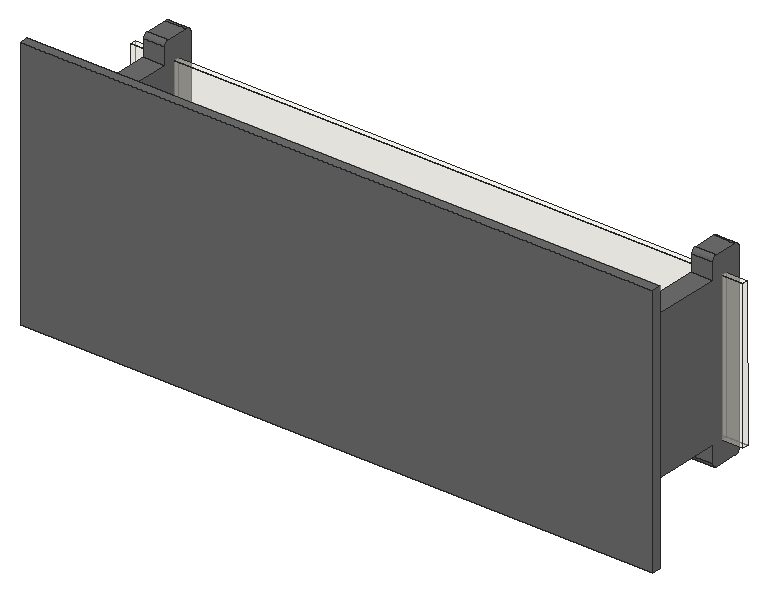
Revit family
Parameters (values of type "40 Watts")
  Wattage Comments = "40"
  Wattage = 40 W
  built-in parameter 1150110 = 1 (stored number, unit not read)
  built-in parameter 1114217 = 1 (stored number, unit not read)
  built-in parameter 1150109 = 1 (stored number, unit not read)
  built-in parameter 1150134 = 4
  built-in parameter 1150113 = 1 (stored number, unit not read)
  built-in parameter 1150105 = 152.79 (stored number, unit not read)
  Lumens = 480 lm
  Material of Lamp = Lamp Material
  Material of Lamp Cover = Lamp Cover
  built-in parameter 1150115 = 1 (stored number, unit not read)
  Light Source Symbol Size = 609.6 mm
  built-in parameter 1150137 = (empty or 0)
  built-in parameter 1150139 = (empty or 0)
  built-in parameter 1150112 = 1 (stored number, unit not read)
  built-in parameter 1150114 = 1 (stored number, unit not read)
  Lamp = "wl-1"
  built-in parameter 1150132 = (empty or 0)
  built-in parameter 1150102 = (empty or 0)
  built-in parameter 1150107 = 2800 (stored number, unit not read)
  built-in parameter 1150138 = (empty or 0)
  built-in parameter 1150106 = 1.5279 (stored number, unit not read)
  Height = 1800 mm
  built-in parameter 1150104 = 1.1148 (stored number, unit not read)
  Dimming Lamp Color Temperature Shift = (empty or 0)
  Color Filter = 16777215
  built-in parameter 1114218 = 1 (stored number, unit not read)
  built-in parameter 1150133 = 10 (stored number, unit not read)
Types (2, lengths in mm): name | Wattage Comments | Wattage | built-in parameter 1150105 | Lumens | built-in parameter 1150106
  40 Watts | "40" | 40 W | 152.79 (stored number, unit not read) | 480 lm | 1.5279 (stored number, unit not read)
  60 Watts | "60" | 60 W | 229.18 (stored number, unit not read) | 720 lm | 2.2918 (stored number, unit not read)
Reference planes
  plane 1: y = 0
  plane 2 "Light Source Axis (L/R)": x = 125
  plane 3 "Light Source Axis (F/R)": y = 150
  plane 4 "Light Source Elevation": z = 1860
  plane 5: z = 1800
  plane 6: x = -10
  plane 7: x = 260
  plane 8: y = 75
Forms (mm)
  Extrusion 1, solid, material "Lamp Material" <- "Material of Lamp"
    sketch origin (0, 0, 1800) x (1, 0, 0) y (0, 1, 0)
      loop
        line (-25, 75) -> (275, 75) -> (275, 79) -> (-25, 79) -> (-25, 75)
    from 0 to 120
  Extrusion 2, solid, material "Lamp Material" <- "Material of Lamp"
    sketch origin (0, 0, 0) x (1, 0, 0) y (0, 0, 1)
      loop
        circle (219.708, 1860) r 15
      loop
        circle (30.292, 1860) r 15
    from -79 to -95
  Extrusion 3, solid, material "Lamp Cover" <- "Material of Lamp Cover"
    sketch origin (125, 0, 0) x (0, 1, 0) y (0, 0, 1)
      loop
        line (95, 1840) -> (104.576, 1840)
        arc (104.576, 1840) -> (124.576, 1860) -> (104.576, 1880) r 20
        line (104.576, 1880) -> (95, 1880) -> (95, 1840)
    from -120 to 120
  Extrusion 4, solid, material "Lamp Cover" <- "Material of Lamp Cover"
    sketch origin (0, 0, 1800) x (1, 0, 0) y (0, 1, 0)
      loop
        line (-20.423, 134.576) -> (270.279, 134.576) -> (270.279, 137.576) -> (-20.423, 137.576) -> (-20.423, 134.576)
    from 25 to 94.978
  Extrusion 5, solid, material "Lamp Material" <- "Material of Lamp"
    sketch origin (125, 0, 0) x (0, 1, 0) y (0, 0, 1)
      loop
        line (129.576, 1894.978) -> (79, 1894.978) -> (79, 1825.022) -> (129.576, 1825.022) -> (129.576, 1817.022)
        arc (129.576, 1817.022) -> (130.162, 1815.608) -> (131.576, 1815.022) r 2
        line (131.576, 1815.022) -> (142.576, 1815.022)
        arc (142.576, 1815.022) -> (143.99, 1815.608) -> (144.576, 1817.022) r 2
        line (144.576, 1817.022) -> (144.576, 1902.978)
        arc (144.576, 1902.978) -> (143.99, 1904.392) -> (142.576, 1904.978) r 2
        line (142.576, 1904.978) -> (131.576, 1904.978)
        arc (131.576, 1904.978) -> (130.162, 1904.392) -> (129.576, 1902.978) r 2
        line (129.576, 1902.978) -> (129.576, 1894.978)
      loop
        line (137.576, 1894.978) -> (134.576, 1894.978) -> (134.576, 1825) -> (137.576, 1825) -> (137.576, 1894.978)
    from 125 to 135
  Extrusion 6, solid, material "Lamp Material" <- "Material of Lamp"
    sketch origin (125, 0, 0) x (0, 1, 0) y (0, 0, 1)
      loop
        line (144.576, 1817.022) -> (144.576, 1902.978)
        arc (144.576, 1902.978) -> (143.99, 1904.392) -> (142.576, 1904.978) r 2
        line (142.576, 1904.978) -> (131.576, 1904.978)
        arc (131.576, 1904.978) -> (130.162, 1904.392) -> (129.576, 1902.978) r 2
        line (129.576, 1902.978) -> (129.576, 1894.978) -> (79, 1894.978) -> (79, 1825.022) -> (129.576, 1825.022) -> (129.576, 1817.022)
        arc (129.576, 1817.022) -> (130.162, 1815.608) -> (131.576, 1815.022) r 2
        line (131.576, 1815.022) -> (142.576, 1815.022)
        arc (142.576, 1815.022) -> (143.99, 1815.608) -> (144.576, 1817.022) r 2
      loop
        line (137.576, 1825) -> (137.576, 1894.978) -> (134.576, 1894.978) -> (134.576, 1825) -> (137.576, 1825)
    from -125 to -135
Lines and regions (mm)
  symbolic lines
    curve 1: line (-10, 144.576, 0) -> (-10, 79, 0)
    curve 2: line (0, 79, 0) -> (0, 144.576, 0)
    curve 3: line (0, 144.576, 0) -> (-10, 144.576, 0)
    curve 4: line (275, 79, 0) -> (-25, 79, 0)
    curve 5: line (-25, 79, 0) -> (-25, 75, 0)
    curve 6: line (-25, 75, 0) -> (275, 75, 0)
    curve 7: line (15.292, 79, 0) -> (15.292, 95, 0)
    curve 8: line (45.292, 95, 0) -> (45.292, 79, 0)
    curve 9: line (5, 95, 0) -> (245, 95, 0)
    curve 10: line (5, 124.43, 0) -> (5, 95, 0)
    curve 11: line (270.423, 137.576, 0) -> (-20.423, 137.576, 0)
    curve 12: line (-20.423, 134.576, 0) -> (270.423, 134.576, 0)
    curve 13: line (-20.423, 137.576, 0) -> (-20.423, 134.576, 0)
    curve 14: line (245, 124.43, 0) -> (245, 95, 0)
    curve 15: line (260, 144.576, 0) -> (260, 79, 0)
    curve 16: line (250, 79, 0) -> (250, 144.576, 0)
    curve 17: line (250, 144.576, 0) -> (260, 144.576, 0)
    curve 18: line (5, 124.43, 0) -> (245, 124.43, 0)
    curve 19: line (270.423, 137.576, 0) -> (270.423, 134.576, 0)
    curve 20: line (275, 79, 0) -> (275, 75, 0)
Text (mm)
  text "Placement side" at (-1787.139, 1116.779, 0), in view "Ref. Level"
  text "Placement side" at (0, 2110.396, 2986.058), in view "Left"
  text "Placement side" at (0, 628.478, 3011.967), in view "Right"
Dimensions and locks
  "Height": host wall to plane 5
  locked: plane 5 to plane 4 "Light Source Elevation" at 60
  plane 6 to plane 7 = 270 mm
  plane 8 to plane 3 "Light Source Axis (F/R)" = 75 mm
  locked: Extrusion 1 sketch curve to Extrusion 1 sketch curve at 4
  locked: Extrusion 3 sketch curve to plane 8 at 20
  aligned and locked: plane 1 to host wall
  aligned and locked: Extrusion 1 sketch curve to host wall
  aligned and locked: Extrusion 1 to plane 5
  aligned and locked: Extrusion 2 to Extrusion 1
  aligned and locked: Extrusion 5 sketch curve to Extrusion 1
  aligned and locked: Extrusion 4 to Extrusion 5 sketch curve  (x2)
  aligned and locked: Extrusion 5 sketch curve to Extrusion 4  (x3)
  aligned and locked: Extrusion 6 sketch curve to Extrusion 5  (x8)
  aligned and locked: Extrusion 6 sketch curve to Extrusion 4  (x4)
  aligned and locked: curve 1 to Extrusion 6
  aligned and locked: curve 2 to Extrusion 6
  aligned and locked: curve 3 to Extrusion 6
  aligned and locked: curve 4 to Extrusion 1
  aligned and locked: curve 5 to Extrusion 1
  aligned and locked: curve 6 to Extrusion 1
  aligned and locked: curve 7 to Extrusion 2
  aligned and locked: curve 8 to Extrusion 2
  aligned and locked: curve 9 to Extrusion 3
  aligned and locked: Extrusion 3 to curve 10
  aligned and locked: curve 11 to Extrusion 4
  aligned and locked: curve 12 to Extrusion 4
  aligned and locked: curve 13 to Extrusion 4
  aligned and locked: plane 6 to Extrusion 6
  aligned and locked: plane 7 to Extrusion 5
  aligned and locked: plane 8 to host wall
  aligned and locked: plane 2 "Light Source Axis (L/R)" to imposter light
  aligned and locked: plane 3 "Light Source Axis (F/R)" to imposter light
  aligned and locked: plane 4 "Light Source Elevation" to imposter light
Automatic sketch dimensions
  curve 15 to plane 7 = 0 mm
  curve 14 to plane 7 = 15 mm
  curve 17 to curve 15 = 10 mm
  plane 7 to curve 12 = 10.423 mm
  plane 7 to curve 4 = 15 mm
  plane 3 "Light Source Axis (F/R)" to curve 14 = 25.57 mm
  plane 3 "Light Source Axis (F/R)" to curve 17 = 5.424 mm
  Extrusion 1 sketch curve to plane 6 = 15 mm
  plane 7 to Extrusion 1 sketch curve = 15 mm
  Extrusion 2 sketch curve to plane 4 "Light Source Elevation" = 0 mm  (x2)
  plane 6 to Extrusion 2 sketch curve = 40.292 mm
  Extrusion 2 sketch curve to plane 7 = 40.292 mm
  Extrusion 3 sketch curve to plane 4 "Light Source Elevation" = 0 mm
  Extrusion 3 sketch curve to Extrusion 3 sketch curve = 9.576 mm
  Extrusion 3 sketch curve to plane 4 "Light Source Elevation" = 20 mm
  Extrusion 4 sketch curve to plane 6 = 10.423 mm
  plane 7 to Extrusion 4 sketch curve = 10.279 mm
  plane 3 "Light Source Axis (F/R)" to Extrusion 4 sketch curve = 15.424 mm
  Extrusion 4 sketch curve to Extrusion 4 sketch curve = 3 mm
  Extrusion 5 sketch curve to Extrusion 5 sketch curve = 5 mm  (x2)
  Extrusion 5 sketch curve to Extrusion 5 sketch curve = 2 mm  (x3)
  plane 3 "Light Source Axis (F/R)" to Extrusion 5 sketch curve = 7.424 mm  (x2)
  Extrusion 5 sketch curve to Extrusion 5 sketch curve = 7.978 mm
  Extrusion 5 sketch curve to Extrusion 5 sketch curve = 0.022 mm
  Extrusion 5 sketch curve to Extrusion 5 sketch curve = 8 mm
  Extrusion 6 sketch curve to Extrusion 6 sketch curve = 2 mm  (x2)
  radius of Extrusion 2 sketch curve = 15 mm  (x2)
